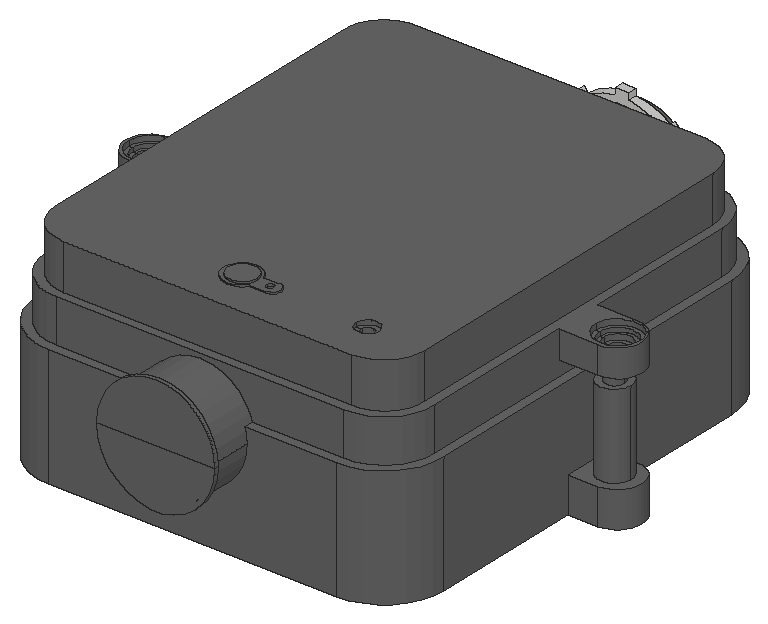
Revit family "ALCR1277", category Communication Devices, host Face, Revit 2014
Parameters (values of type "ALCR1277")
  Warranty = "5-Years Warranty"  # constant formula
  Type Comments = "Power Packs and Relays"  # constant formula
  URL = "https://www.hubbell.com/hubbellcontrolsolutions/en/"
  Model = "ALCR1277"  # constant formula
  Manufacturer = "Hubbell Control Solutions"  # constant formula
  L = 5.26"
  Washer = Metal-Hubbell-Galvanized_Steel
  Features = "Meets NEC Article 700 requirements for emergency lighting\r\n• Dual voltage, 120 or 277V operation\r\n• Normally closed contacts for emergency lighting\r\n• Normally open contacts for 0–10V dimming override\r\n• Provision for remote test button or fire alarm interface\r\n• Multi-color function LED\r\n• Suitable for use in return air plenums\r\n• 5 year warranty"  # constant formula
  Description = "UL924, Emergency load control relay, with 0-10 V dimming override, 120-277VAC"  # constant formula
  Default Elevation = 48.0"
  Create Date = "09/12/2019"
  Copyright = "Copyright © 2019 Hubbell Control Solutions"  # constant formula
  Contact Us = "https://www.hubbell.com/hubbellcontrolsolutions/en/contactUs"
  Housing Material = Paint - Hubbell - Carbon Black
  Certification = "UL and cUL Listed"  # constant formula
  Assembly Code = "D5090"
Reference planes (in)
  plane 1 "Center (Front/Back)": y = 13.01342
  plane 2: z = 0
  plane 3 "Center (Left/Right)": x = 0
  plane 4: x = -1.7
  plane 5: x = 1.7
  plane 6: y = 11.01342
  plane 7: y = 15.01342
  plane 8: z = 1.74
  plane 9: z = 1.36
  plane 10: z = 0.46
Forms (in)
  Extrusion 1, solid, material "Paint - Hubbell - Carbon Black" <- "Housing Material"
    sketch origin (0, 0, 0) x (1, 0, 0) y (0, 1, 0)
      loop
        line (-1.2, 11.01342) -> (1.2, 11.01342)
        arc (1.2, 11.01342) -> (1.55355, 11.15987) -> (1.7, 11.51342) r 0.5
        line (1.7, 11.51342) -> (1.7, 14.51342)
        arc (1.7, 14.51342) -> (1.55355, 14.86697) -> (1.2, 15.01342) r 0.5
        line (1.2, 15.01342) -> (-1.2, 15.01342)
        arc (-1.2, 15.01342) -> (-1.55355, 14.86697) -> (-1.7, 14.51342) r 0.5
        line (-1.7, 14.51342) -> (-1.7, 11.51342)
        arc (-1.7, 11.51342) -> (-1.55355, 11.15987) -> (-1.2, 11.01342) r 0.5
    from 0 to 1
  Extrusion 2, solid, material "Paint - Hubbell - Carbon Black" <- "Housing Material"
    sketch origin (0, 0, 0) x (1, 0, 0) y (0, 1, 0)
      loop
        line (1.2, 14.93342) -> (-1.2, 14.93342)
        arc (-1.2, 14.93342) -> (-1.49698, 14.8104) -> (-1.62, 14.51342) r 0.42
        line (-1.62, 14.51342) -> (-1.62, 11.51342)
        arc (-1.62, 11.51342) -> (-1.49698, 11.21643) -> (-1.2, 11.09342) r 0.42
        line (-1.2, 11.09342) -> (1.2, 11.09342)
        arc (1.2, 11.09342) -> (1.49698, 11.21643) -> (1.62, 11.51342) r 0.42
        line (1.62, 11.51342) -> (1.62, 14.51342)
        arc (1.62, 14.51342) -> (1.49698, 14.8104) -> (1.2, 14.93342) r 0.42
    from 1 to 1.36
  Extrusion 3, solid, material "Paint - Hubbell - Carbon Black" <- "Housing Material"
    sketch origin (0, 0, 0) x (1, 0, 0) y (0, 1, 0)
      loop
        arc (-1.2, 14.85342) -> (-1.44042, 14.75384) -> (-1.54, 14.51342) r 0.34
        line (-1.54, 14.51342) -> (-1.54, 11.51342)
        arc (-1.54, 11.51342) -> (-1.44042, 11.273) -> (-1.2, 11.17342) r 0.34
        line (-1.2, 11.17342) -> (1.2, 11.17342)
        arc (1.2, 11.17342) -> (1.44042, 11.273) -> (1.54, 11.51342) r 0.34
        line (1.54, 11.51342) -> (1.54, 14.51342)
        arc (1.54, 14.51342) -> (1.44042, 14.75384) -> (1.2, 14.85342) r 0.34
        line (1.2, 14.85342) -> (-1.2, 14.85342)
    from 1.36 to 1.74
  Extrusion 4, solid, material "Paint - Hubbell - Carbon Black" <- "Housing Material"
    sketch origin (0, 0, 0) x (1, 0, 0) y (0, 1, 0)
      loop
        line (-1.7, 13.21215) -> (-1.95, 13.21215)
        arc (-1.95, 13.21215) -> (-2.15329, 13.00886) -> (-1.95, 12.80557) r 0.20329
        line (-1.95, 12.80557) -> (-1.7, 12.80557) -> (-1.7, 13.21215)
    from 0 to 0.3
  Extrusion 5, solid, material "Paint - Hubbell - Carbon Black" <- "Housing Material"
    sketch origin (0, 0, 0) x (1, 0, 0) y (0, 1, 0)
      loop
        circle (-1.92328, 13.01342) r 0.13663
    from 0.3 to 1
  Extrusion 6, solid, material "Paint - Hubbell - Carbon Black" <- "Housing Material"
    sketch origin (0, 0, 0) x (1, 0, 0) y (0, 1, 0)
      loop
        circle (-1.92508, 13.01342) r 0.08015
    from 1 to 1.1628
  Extrusion 7, solid, material "Paint - Hubbell - Carbon Black" <- "Housing Material"
    sketch origin (0, 0, 1.5) x (0, -1, 0) y (1, 0, 0)
      loop
        line (-13.21215, -1.54375) -> (-13.21215, -1.95)
        arc (-13.21215, -1.95) -> (-13.00886, -2.15329) -> (-12.80557, -1.95) r 0.20329
        line (-12.80557, -1.95) -> (-12.80557, -1.54375) -> (-13.21215, -1.54375)
    from -0.3696 to -0.14
  Revolve 8, void
    sketch origin (0, 13.01342, -0.37493) x (1, 0, 0) y (0, 0, 1)
      loop
        line (-1.95, 1.74) -> (-1.95, 1.58381) -> (-1.87233, 1.58381) -> (-1.87233, 1.61974) -> (-1.83144, 1.61974) -> (-1.83144, 1.66063) -> (-1.79923, 1.66063) -> (-1.79923, 1.69284) -> (-1.76485, 1.69284) -> (-1.76485, 1.74) -> (-1.95, 1.74)
      axis (-1.95, 1.58381) -> (-1.95, 1.74)
    angle from 0 to 360
  Extrusion 9, solid, material "Paint - Hubbell - Carbon Black" <- "Housing Material"
    sketch origin (0, 0, 0) x (-1, 0, 0) y (0, -1, 0)
      loop
        line (-1.7, -13.21215) -> (-1.7, -12.80557) -> (-1.95, -12.80557)
        arc (-1.95, -12.80557) -> (-2.15329, -13.00886) -> (-1.95, -13.21215) r 0.20329
        line (-1.95, -13.21215) -> (-1.7, -13.21215)
    from 0 to 0.3
  Extrusion 10, solid, material "Paint - Hubbell - Carbon Black" <- "Housing Material"
    sketch origin (0, 0, 0) x (-1, 0, 0) y (0, -1, 0)
      loop
        circle (-1.92328, -13.01342) r 0.13663
    from 0.3 to 1
  Extrusion 11, solid, material "Paint - Hubbell - Carbon Black" <- "Housing Material"
    sketch origin (0, 0, 0) x (-1, 0, 0) y (0, -1, 0)
      loop
        circle (-1.92508, -13.01342) r 0.08015
    from 1 to 1.18854
  Extrusion 12, solid, material "Paint - Hubbell - Carbon Black" <- "Housing Material"
    sketch origin (0, 0, 1.5) x (0, 1, 0) y (-1, 0, 0)
      loop
        line (13.21215, -1.54375) -> (12.80557, -1.54375) -> (12.80557, -1.95)
        arc (12.80557, -1.95) -> (13.00886, -2.15329) -> (13.21215, -1.95) r 0.20329
        line (13.21215, -1.95) -> (13.21215, -1.54375)
    from -0.3696 to -0.14
  Revolve 13, void
    sketch origin (0, 13.01342, -0.38) x (-1, 0, 0) y (0, 0, 1)
      loop
        line (-1.95, 1.74) -> (-1.95, 1.58381) -> (-1.87233, 1.58381) -> (-1.87233, 1.61974) -> (-1.83144, 1.61974) -> (-1.83144, 1.66063) -> (-1.79923, 1.66063) -> (-1.79923, 1.69284) -> (-1.76485, 1.69284) -> (-1.76485, 1.74) -> (-1.95, 1.74)
      axis (-1.95, 1.58381) -> (-1.95, 1.74)
    angle from 0 to 360
  Extrusion 14, solid, material "Paint - Hubbell - Carbon Black" <- "Housing Material"
    sketch origin (0, 0, 0) x (1, 0, 0) y (0, 1, 0)
      loop
        circle (-0.01172, 11.54733) r 0.12002
    from 1.73 to 1.76
  Extrusion 15, void
    sketch origin (0.03516, -0.00781, 0) x (1, 0, 0) y (0, 1, 0)
      loop
        circle (0.19854, 11.54153) r 0.031
    from 1.5 to 1.75
  Revolve 16, solid, material "Paint - Hubbell - Carbon Black" <- "Housing Material"
    sketch origin (0, 0, 0.8125) x (1, 0, 0) y (0, 1, 0)
      loop
        line (0, 14.93342) -> (0.5625, 14.93342) -> (0.5625, 15.04866) -> (0.444, 15.04866)
        arc (0.444, 15.04866) -> (0.48113, 15.0858) -> (0.444, 15.12293) r 0.03714
        arc (0.444, 15.12293) -> (0.48113, 15.16007) -> (0.444, 15.1972) r 0.03714
        arc (0.444, 15.1972) -> (0.48113, 15.23434) -> (0.444, 15.27148) r 0.03714
        arc (0.444, 15.27148) -> (0.48113, 15.30861) -> (0.444, 15.34575) r 0.03714
        arc (0.444, 15.34575) -> (0.48113, 15.38289) -> (0.444, 15.42002) r 0.03714
        arc (0.444, 15.42002) -> (0.48113, 15.45716) -> (0.444, 15.4943) r 0.03714
        arc (0.444, 15.4943) -> (0.48113, 15.53143) -> (0.444, 15.56857) r 0.03714
        arc (0.444, 15.56857) -> (0.48113, 15.6057) -> (0.444, 15.64284) r 0.03714
        line (0.444, 15.64284) -> (0.444, 15.68785) -> (0, 15.68785) -> (0, 14.93342)
      axis (0, 15.68785) -> (0, 14.93342)
    angle from 0 to 360
  Revolve 17, solid, material "Paint - Hubbell - Carbon Black" <- "Housing Material"
    sketch origin (0, 0, 0.875) x (1, 0, 0) y (0, 1, 0)
      loop
        line (0, 11.18995) -> (0, 10.63047) -> (0.49182, 10.63047) -> (0.49182, 10.66147) -> (0.45, 10.66147) -> (0.45, 11.18995) -> (0, 11.18995)
      axis (0, 11.18995) -> (0, 10.63047)
    angle from 0 to 360
  Extrusion 18, solid, material "Metal-Hubbell-Galvanized_Steel" <- "Washer"
    sketch origin (0, 13.01342, 0) x (1, 0, 0) y (0, 0, 1)
      loop
        circle (0, 0.80458) r 0.48991
      loop
        line (0.53943, 0.75018) -> (0.59193, 0.75018)
        arc (0.59193, 0.75018) -> (0.59442, 0.80458) -> (0.59193, 0.85898) r 0.59442
        line (0.59193, 0.85898) -> (0.53943, 0.85898)
        arc (0.53943, 0.85898) -> (0.50089, 1.01206) -> (0.4199, 1.14755) r 0.54216
        line (0.4199, 1.14755) -> (0.45702, 1.18467)
        arc (0.45702, 1.18467) -> (0.42032, 1.2249) -> (0.38009, 1.2616) r 0.59442
        line (0.38009, 1.2616) -> (0.34297, 1.22448)
        arc (0.34297, 1.22448) -> (0.20748, 1.30547) -> (0.0544, 1.34401) r 0.54216
        line (0.0544, 1.34401) -> (0.0544, 1.39651)
        arc (0.0544, 1.39651) -> (0, 1.399) -> (-0.0544, 1.39651) r 0.59442
        line (-0.0544, 1.39651) -> (-0.0544, 1.34401)
        arc (-0.0544, 1.34401) -> (-0.20748, 1.30547) -> (-0.34297, 1.22448) r 0.54216
        line (-0.34297, 1.22448) -> (-0.38009, 1.2616)
        arc (-0.38009, 1.2616) -> (-0.42032, 1.2249) -> (-0.45702, 1.18467) r 0.59442
        line (-0.45702, 1.18467) -> (-0.4199, 1.14755)
        arc (-0.4199, 1.14755) -> (-0.50089, 1.01206) -> (-0.53943, 0.85898) r 0.54216
        line (-0.53943, 0.85898) -> (-0.59193, 0.85898)
        arc (-0.59193, 0.85898) -> (-0.59442, 0.80458) -> (-0.59193, 0.75018) r 0.59442
        line (-0.59193, 0.75018) -> (-0.53943, 0.75018)
        arc (-0.53943, 0.75018) -> (-0.50089, 0.5971) -> (-0.4199, 0.46161) r 0.54216
        line (-0.4199, 0.46161) -> (-0.45702, 0.42449)
        arc (-0.45702, 0.42449) -> (-0.42032, 0.38426) -> (-0.38009, 0.34756) r 0.59442
        line (-0.38009, 0.34756) -> (-0.34297, 0.38468)
        arc (-0.34297, 0.38468) -> (-0.20748, 0.30369) -> (-0.0544, 0.26515) r 0.54216
        line (-0.0544, 0.26515) -> (-0.0544, 0.21265)
        arc (-0.0544, 0.21265) -> (0, 0.21016) -> (0.0544, 0.21265) r 0.59442
        line (0.0544, 0.21265) -> (0.0544, 0.26515)
        arc (0.0544, 0.26515) -> (0.20748, 0.30369) -> (0.34297, 0.38468) r 0.54216
        line (0.34297, 0.38468) -> (0.38009, 0.34756)
        arc (0.38009, 0.34756) -> (0.42032, 0.38426) -> (0.45702, 0.42449) r 0.59442
        line (0.45702, 0.42449) -> (0.4199, 0.46161)
        arc (0.4199, 0.46161) -> (0.50089, 0.5971) -> (0.53943, 0.75018) r 0.54216
    from -2.55515 to -2.48088
  Revolve 19, void
    sketch origin (0.01562, 11.52123, 0) x (1, 0, 0) y (0, 0, 1)
      loop
        line (1.03962, 1.74) -> (1.03962, 1.66826) -> (1.08987, 1.66826) -> (1.08987, 1.70774) -> (1.1348, 1.70774) -> (1.1348, 1.74) -> (1.03962, 1.74)
      axis (1.03962, 1.74) -> (1.03962, 1.66826)
    angle from 0 to 360
  Extrusion 20, solid, material "Paint - Hubbell - Carbon Black" <- "Housing Material"
    sketch origin (0, 0, 0) x (1, 0, 0) y (0, 1, 0)
      loop
        arc (0.12515, 11.60048) -> (-0.16519, 11.56345) -> (0.11077, 11.46592) r 0.15042
        line (0.11077, 11.46592) -> (0.25211, 11.46592)
        arc (0.25211, 11.46592) -> (0.31939, 11.5332) -> (0.25211, 11.60048) r 0.06728
        line (0.25211, 11.60048) -> (0.12515, 11.60048)
    from 1.74 to 1.75
Cuts and joins
  Extrusion 15, Revolve 19 cuts Extrusion 1
  Extrusion 15, Revolve 19 cuts Extrusion 2
  Extrusion 15, Revolve 19 cuts Extrusion 3
  Extrusion 15, Revolve 19 cuts Extrusion 4
  Extrusion 15, Revolve 19 cuts Extrusion 5
  Extrusion 15, Revolve 19 cuts Extrusion 6
  Revolve 8, Revolve 13, Extrusion 15, Revolve 19 cuts Extrusion 7
  Extrusion 15, Revolve 19 cuts Extrusion 9
  Extrusion 15, Revolve 19 cuts Extrusion 10
  Extrusion 15, Revolve 19 cuts Extrusion 11
  Revolve 13, Extrusion 15, Revolve 19 cuts Extrusion 12
  Revolve 19 cuts Extrusion 14
  Revolve 19 cuts Revolve 16
  Revolve 19 cuts Revolve 17
  joined: Extrusion 1, Extrusion 2, Extrusion 3, Extrusion 4, Extrusion 5, Extrusion 6, Extrusion 7, Extrusion 9, Extrusion 10, Extrusion 11, Extrusion 12, Extrusion 14, Revolve 16, Revolve 17
  Extrusion 15 cuts Extrusion 20
Dimensions and locks (in)
  plane 6 to plane 7 = 4.0"
  plane 4 to plane 5 = 3.4"
  aligned and locked: plane 2 to host face
  aligned and locked: level to host face
Connectors (in)
  electrical at (1.11377, 13.01342, 1)
    settings: on cut or joined group of Extrusion 1, Extrusion 2, Extrusion 3, Extrusion 4, Extrusion 5, Extrusion 6, Extrusion 7, Revolve 8, Extrusion 9, Extrusion 10, Extrusion 11, Extrusion 12, Revolve 13, Extrusion 14, Extrusion 15, Revolve 16, Revolve 17, Revolve 19, index 1, voltage 0 V, apparent load 0 VA, apparent load phase1 0 VA, apparent load phase2 0 VA, apparent load phase3 0 VA, power factor 1, load classification "Other", number of poles 1, system type 13, power factor state 1, is connector primary yes, connector utility no, sub classification motor no, connector description "POWER PACK"
